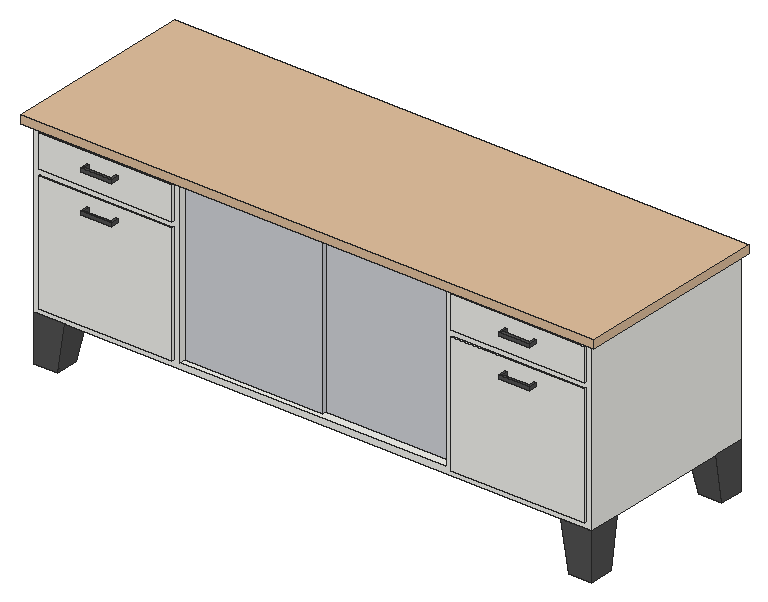
Revit family
Parameters (values of type "1830 x 0610mm")
  Depth = 610.00 mm
  Desk-Body = Laminate - Ivory, Matte
  Handle/Leg Material = Metal - Chrome
  Top Material = Wood - Cherry
  Height = 734.00 mm
  Width = 1830.00 mm
Types (3, lengths in mm): name | Width
  (no name) | 1830.00
  1830 x 0610mm | 1830.00
  1525 x 0610mm | 1525.00
Reference planes
  plane 1 "Center (Front/Back)": y = 4.58
  plane 2: z = 0
  plane 3 "Center (Left/Right)": x = 59.544
  plane 4 "Back": y = 309.58
  plane 5 "Front": y = -300.42
  plane 6 "Right": x = 974.544
  plane 7 "Left": x = -855.456
  plane 8 "Top": z = 734
  plane 9: z = 152.4
  plane 10: x = -397.956
  plane 11: x = 517.044
  plane 12: y = -306.77
  plane 13: y = 290.33
  plane 14: x = 745.794
  plane 15: z = 654.137
  plane 16: z = 527.05
  plane 17: x = 694.544
  plane 18: x = -626.706
  plane 19: z = 654.05
  plane 20: z = 527.05
Forms (mm)
  Extrusion 1, solid, material "Wood - Cherry" <- "Top Material"
    sketch origin (0, 0, 0) x (1, 0, 0) y (0, 1, 0)
      loop
        line (-880.856, 309.58) -> (-880.856, -325.82) -> (999.944, -325.82) -> (999.944, 309.58) -> (-880.856, 309.58)
    from 708.6 to 734
  Extrusion 2, solid, material "Laminate - Ivory, Matte" <- "Desk-Body"
    sketch origin (0, 0, 0) x (1, 0, 0) y (0, 1, 0)
      loop
        line (-855.456, 309.58) -> (-855.456, -300.42) -> (974.544, -300.42) -> (974.544, 309.58) -> (-855.456, 309.58)
    from 152.4 to 708.6
  Blend 3, solid, material "Metal - Chrome" <- "Handle/Leg Material"
    base sketch origin (-854.856, 614.18, 0) x (1, 0, 0) y (0, 1, 0)
      loop
        line (1829.4, -914.6) -> (1829.4, -838.4) -> (1753.2, -838.4) -> (1753.2, -914.6) -> (1829.4, -914.6)
    top sketch origin (-854.856, 614.18, 0) x (1, 0, 0) y (0, 1, 0)
      loop
        line (1829.4, -914.6) -> (1829.4, -813) -> (1727.8, -813) -> (1727.8, -914.6) -> (1829.4, -914.6)
    from 0 to 152.4
  Blend 4, solid, material "Metal - Chrome" <- "Handle/Leg Material"
    base sketch origin (973.944, -605.02, 0) x (-1, 0, 0) y (0, -1, 0)
      loop
        line (1829.4, -914.6) -> (1829.4, -838.4) -> (1753.2, -838.4) -> (1753.2, -914.6) -> (1829.4, -914.6)
    top sketch origin (973.944, -605.02, 0) x (-1, 0, 0) y (0, -1, 0)
      loop
        line (1829.4, -914.6) -> (1829.4, -813) -> (1727.8, -813) -> (1727.8, -914.6) -> (1829.4, -914.6)
    from 0 to 152.4
  Blend 5, solid, material "Metal - Chrome" <- "Handle/Leg Material"
    base sketch origin (973.944, 614.18, 0) x (-1, 0, 0) y (0, -1, 0)
      loop
        line (1829.4, 914.6) -> (1753.2, 914.6) -> (1753.2, 838.4) -> (1829.4, 838.4) -> (1829.4, 914.6)
    top sketch origin (973.944, 614.18, 0) x (-1, 0, 0) y (0, -1, 0)
      loop
        line (1829.4, 914.6) -> (1727.8, 914.6) -> (1727.8, 813) -> (1829.4, 813) -> (1829.4, 914.6)
    from 0 to 152.4
  Extrusion 6, solid, material "Laminate - Ivory, Matte" <- "Desk-Body"
    sketch origin (1143, 309.58, 0) x (1, 0, 0) y (0, 0, 1)
      loop
        line (-1979.406, 689.55) -> (-1979.406, 581.6) -> (-1540.956, 581.6) -> (-1540.956, 689.55) -> (-1979.406, 689.55)
      loop
        line (-1540.956, 171.45) -> (-1540.956, 562.55) -> (-1979.406, 562.55) -> (-1979.406, 171.45) -> (-1540.956, 171.45)
    from 610 to 616.35
  Extrusion 7, solid, material "Laminate - Ivory, Matte" <- "Desk-Body"
    sketch origin (1143, 309.58, 0) x (1, 0, 0) y (0, 0, 1)
      loop
        line (-625.956, 689.55) -> (-625.956, 584.2) -> (-187.506, 584.2) -> (-187.506, 689.55) -> (-625.956, 689.55)
      loop
        line (-187.506, 171.45) -> (-187.506, 565.15) -> (-625.956, 565.15) -> (-625.956, 171.45) -> (-187.506, 171.45)
    from 609.6 to 615.95
  Blend 8, solid, material "Metal - Chrome" <- "Handle/Leg Material"
    base sketch origin (-854.856, -605.02, 0) x (1, 0, 0) y (0, 1, 0)
      loop
        line (1829.4, 914.6) -> (1753.2, 914.6) -> (1753.2, 838.4) -> (1829.4, 838.4) -> (1829.4, 914.6)
    top sketch origin (-854.856, -605.02, 0) x (1, 0, 0) y (0, 1, 0)
      loop
        line (1829.4, 914.6) -> (1727.8, 914.6) -> (1727.8, 813) -> (1829.4, 813) -> (1829.4, 914.6)
    from 0 to 152.4
  Extrusion 9, void
    sketch origin (1143, 309.58, 0) x (1, 0, 0) y (0, 0, 1)
      loop
        line (-1521.906, 689.55) -> (-1521.906, 171.45) -> (-645.006, 171.45) -> (-645.006, 689.55) -> (-1521.906, 689.55)
    from 19.25 to 610
  Extrusion 10, solid
    sketch origin (1143, 309.58, 0) x (1, 0, 0) y (0, 0, 1)
      loop
        line (-1069.375, 689.55) -> (-1521.906, 689.55) -> (-1521.906, 171.45) -> (-1069.375, 171.45) -> (-1069.375, 689.55)
    from 576.652 to 589.352
  Extrusion 11, solid
    sketch origin (34.008, -300.42, 0) x (1, 0, 0) y (0, 0, 1)
      loop
        line (497.994, 689.55) -> (12.836, 689.55) -> (12.836, 171.45) -> (497.994, 171.45) -> (497.994, 689.55)
    from -45.648 to -33.348
  Sweep 12, solid, material "Metal - Chrome" <- "Handle/Leg Material"
    path origin (0, 0, 0) x (1, 0, 0) y (0, 1, 0)
      loop
        line (694.994, -306.77) -> (694.994, -332.17) -> (796.594, -332.17) -> (796.594, -306.77)
    profile origin (0, -319.47, 0) x (1, 0, 0) y (0, 0, 1)
      loop
        line (694.994, 654.137) -> (694.994, 641.437) -> (701.344, 641.437) -> (701.344, 654.137) -> (694.994, 654.137)
      loop
        line (694.994, 527.05) -> (694.994, 514.35) -> (701.344, 514.35) -> (701.344, 527.05) -> (694.994, 527.05)
  Sweep 13, solid, material "Metal - Chrome" <- "Handle/Leg Material"
    path origin (0, 0, 0) x (1, 0, 0) y (0, 1, 0)
      loop
        line (-677.506, -306.77) -> (-677.506, -332.17) -> (-575.906, -332.17) -> (-575.906, -306.77)
    profile origin (0, -319.47, 0) x (1, 0, 0) y (0, 0, 1)
      loop
        line (-677.506, 527.05) -> (-677.506, 514.35) -> (-671.156, 514.35) -> (-671.156, 527.05) -> (-677.506, 527.05)
      loop
        line (-677.506, 654.05) -> (-677.506, 641.35) -> (-671.156, 641.35) -> (-671.156, 654.05) -> (-677.506, 654.05)
Cuts and joins
  Extrusion 9 cuts Extrusion 1
  Extrusion 9 cuts Extrusion 2
  Extrusion 9 cuts Blend 3
  Extrusion 9 cuts Blend 4
  Extrusion 9 cuts Blend 5
  Extrusion 9 cuts Extrusion 6
  Extrusion 9 cuts Extrusion 7
  Extrusion 9 cuts Blend 8
Lines and regions (mm)
  Masking region 1
    outline origin (0, 0, 0) x (1, 0, 0) y (0, 1, 0)
      loop
        line (-855.456, 290.33) -> (-855.456, -306.77) -> (974.544, -306.77) -> (974.544, 290.33) -> (-855.456, 290.33)
  symbolic lines
    curve 1: line (-582.256, -306.77, 0) -> (-582.256, -325.82, 0)
    curve 2: line (-671.156, -325.82, 0) -> (-671.156, -306.77, 0)
    curve 3: line (-582.256, -325.82, 0) -> (-671.156, -325.82, 0)
    curve 4: line (790.244, -306.77, 0) -> (790.244, -325.82, 0)
    curve 5: line (701.344, -325.82, 0) -> (701.344, -306.77, 0)
    curve 6: line (790.244, -325.82, 0) -> (701.344, -325.82, 0)
Dimensions and locks
  equal spacing: plane 7 "Left", plane 3 "Center (Left/Right)", plane 6 "Right"
  equal spacing: plane 5 "Front", plane 1 "Center (Front/Back)", plane 4 "Back"
  "Width": plane 7 "Left" to plane 6 "Right"
  "Depth": plane 5 "Front" to plane 4 "Back"
  "Height": plane 8 "Top" to plane 2
  locked: Extrusion 1 to Extrusion 1 at 25.4
  locked: plane 9 to plane 2 at 152.4
  equal spacing: plane 7 "Left", plane 10, plane 3 "Center (Left/Right)"
  equal spacing: plane 6 "Right", plane 11, plane 3 "Center (Left/Right)"
  plane 12 to plane 5 "Front" = 6.35 mm
  Extrusion 1 to Extrusion 6 sketch curve = 19.05 mm
  equal spacing: plane 11, plane 14, plane 6 "Right"
  equal spacing: plane 7 "Left", plane 18, plane 10
  aligned and locked: Extrusion 1 to plane 8 "Top"
  aligned and locked: Extrusion 2 to Extrusion 1
  aligned and locked: plane 6 "Right" to Extrusion 2 sketch curve
  aligned and locked: Extrusion 2 sketch curve to plane 5 "Front"
  aligned and locked: Extrusion 1 sketch curve to plane 4 "Back"
  aligned and locked: Extrusion 6 to plane 5 "Front"
  aligned and locked: Extrusion 6 to plane 12
  aligned and locked: plane 5 "Front" to Extrusion 9
  aligned and locked: plane 13 to Extrusion 9
  aligned and locked: Extrusion 11 to Extrusion 10
  aligned and locked: Masking region 1 sketch curve to plane 7 "Left"
  aligned and locked: Masking region 1 sketch curve to plane 13
  aligned and locked: plane 6 "Right" to Masking region 1 sketch curve
  aligned and locked: plane 12 to Masking region 1 sketch curve
Automatic sketch dimensions
  Blend 3 sketch curve to plane 5 "Front" = 0.00 mm  (x2)
  Blend 3 sketch curve to plane 6 "Right" = 0.00 mm  (x2)
  Blend 3 sketch curve to Blend 3 sketch curve = 76.20 mm  (x2)
  Blend 3 sketch curve to Blend 3 sketch curve = 101.60 mm  (x2)
  Blend 4 sketch curve to plane 4 "Back" = 0.00 mm  (x2)
  Blend 4 sketch curve to plane 7 "Left" = 0.00 mm  (x2)
  Blend 4 sketch curve to Blend 4 sketch curve = 76.20 mm  (x2)
  Blend 4 sketch curve to Blend 4 sketch curve = 101.60 mm  (x2)
  Blend 5 sketch curve to plane 5 "Front" = 0.00 mm  (x2)
  Blend 5 sketch curve to plane 7 "Left" = 0.00 mm  (x2)
  Blend 5 sketch curve to Blend 5 sketch curve = 76.20 mm  (x2)
  Blend 5 sketch curve to Blend 5 sketch curve = 101.60 mm  (x2)
  plane 5 "Front" to Extrusion 1 sketch curve = 25.40 mm
  plane 7 "Left" to Extrusion 1 sketch curve = 25.40 mm
  Extrusion 1 sketch curve to plane 6 "Right" = 25.40 mm
  Blend 8 sketch curve to plane 4 "Back" = 0.00 mm  (x2)
  Blend 8 sketch curve to plane 6 "Right" = 0.00 mm  (x2)
  Blend 8 sketch curve to Blend 8 sketch curve = 76.20 mm  (x2)
  Blend 8 sketch curve to Blend 8 sketch curve = 101.60 mm  (x2)
  Extrusion 9 sketch curve to plane 10 = 19.05 mm
  plane 11 to Extrusion 9 sketch curve = 19.05 mm
  Extrusion 9 sketch curve to plane 9 = 19.05 mm
  plane 8 "Top" to Extrusion 9 sketch curve = 44.45 mm
  plane 3 "Center (Left/Right)" to Extrusion 10 sketch curve = 14.081 mm
  Extrusion 10 sketch curve to plane 9 = 19.05 mm
  Extrusion 10 sketch curve to plane 10 = 19.05 mm
  plane 8 "Top" to Extrusion 10 sketch curve = 44.45 mm
  Extrusion 11 sketch curve to plane 3 "Center (Left/Right)" = 12.70 mm
  Extrusion 11 sketch curve to plane 9 = 19.05 mm
  Extrusion 11 sketch curve to plane 11 = 14.958 mm
  plane 8 "Top" to Extrusion 11 sketch curve = 44.45 mm
  Extrusion 7 sketch curve to plane 11 = 0.00 mm  (x2)
  plane 6 "Right" to Extrusion 7 sketch curve = 19.05 mm  (x2)
  Extrusion 7 sketch curve to plane 9 = 19.05 mm
  Extrusion 7 sketch curve to Extrusion 7 sketch curve = 393.70 mm
  Extrusion 7 sketch curve to Extrusion 7 sketch curve = 19.05 mm
  plane 8 "Top" to Extrusion 7 sketch curve = 44.45 mm
  Extrusion 6 sketch curve to plane 10 = 0.00 mm  (x2)
  Extrusion 6 sketch curve to plane 7 "Left" = 19.05 mm
  Extrusion 6 sketch curve to Extrusion 6 sketch curve = 0.00 mm
  Extrusion 6 sketch curve to Extrusion 6 sketch curve = 107.95 mm
  Extrusion 6 sketch curve to Extrusion 6 sketch curve = 19.05 mm
  Extrusion 6 sketch curve to plane 9 = 19.05 mm
  Sweep 12 sketch curve to plane 12 = 0.00 mm  (x2)
  Sweep 12 sketch curve to plane 12 = 25.40 mm
  Sweep 12 sketch curve to plane 14 = 50.80 mm
  plane 14 to Sweep 12 sketch curve = 50.80 mm
  Sweep 12 sketch curve to profile plane = 0.00 mm  (x2)
  Sweep 12 sketch curve to plane 16 = 0.00 mm
  Sweep 12 sketch curve to plane 15 = 0.00 mm
  Sweep 12 sketch curve to profile plane = 6.35 mm  (x2)
  plane 16 to Sweep 12 sketch curve = 12.70 mm
  plane 15 to Sweep 12 sketch curve = 12.70 mm
  Sweep 13 sketch curve to plane 12 = 0.00 mm  (x2)
  Sweep 13 sketch curve to plane 12 = 25.40 mm
  Sweep 13 sketch curve to plane 18 = 50.80 mm
  plane 18 to Sweep 13 sketch curve = 50.80 mm
  Sweep 13 sketch curve to profile plane = 0.00 mm  (x2)
  Sweep 13 sketch curve to plane 19 = 0.00 mm
  Sweep 13 sketch curve to plane 20 = 0.00 mm
  Sweep 13 sketch curve to profile plane = 6.35 mm  (x2)
  plane 20 to Sweep 13 sketch curve = 12.70 mm
  Sweep 13 sketch curve to Sweep 13 sketch curve = 12.70 mm
  Extrusion 2 sketch curve to plane 7 "Left" = 0.00 mm
  Extrusion 2 sketch curve to plane 4 "Back" = 0.00 mm
  curve 1 to plane 12 = 0.00 mm
  curve 1 to plane 12 = 19.05 mm
  plane 18 to curve 1 = 44.45 mm
  curve 2 to plane 12 = 0.00 mm
  curve 2 to plane 18 = 44.45 mm
  curve 4 to plane 12 = 0.00 mm
  plane 14 to curve 4 = 44.45 mm
  curve 5 to plane 12 = 0.00 mm
  curve 5 to plane 12 = 19.05 mm
  curve 5 to plane 14 = 44.45 mm
